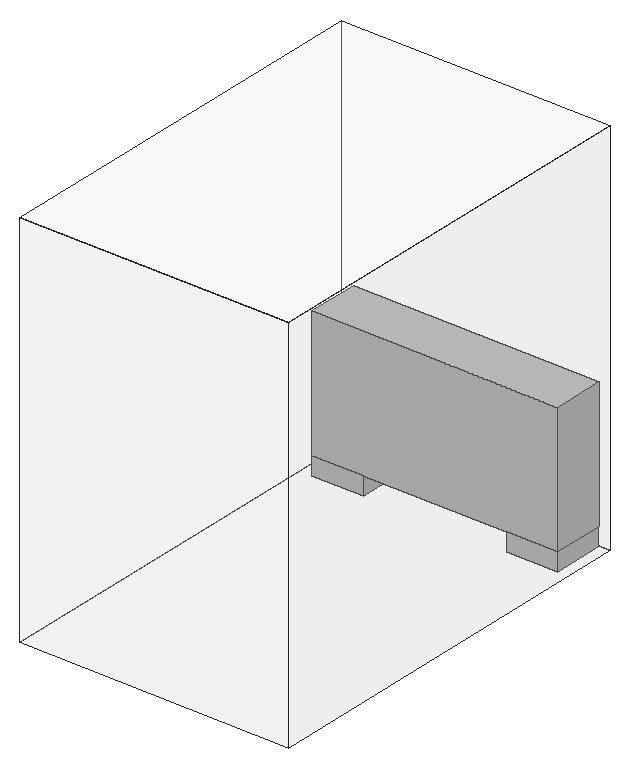
Revit family "pffy-p28_71lemg9_50Hz", category 機械設備, Revit 2019
Family settings
  丸型コネクタ寸法 = 直径を使用
  パーツ タイプ = 標準
  OmniClass 番号 = 23.75.10.24.21.27.27
  OmniClass タイトル = Split System Air Conditioning Units
  作業面ベース = いいえ
  常に垂直 = はい
  ロード時にボイドで切り取り = いいえ
  共有 = いいえ
  部屋計算ポイント = はい
Parameters (values of type "PFFY-P28LEMG9")
  風量（弱）（m3／min） = 5.5
  風量（m3／min） = 6.5
  風量 = MAX風量  # 390.0 m³/h
  音響パワーレベル（弱）(dB) = 49
  音響パワーレベル(dB) = 54
  電源種別 = ""
  電圧_電気ヒーター = 0 V
  電圧 = 200 V
  電動機出力_送風機 = 0.02 kW
  運転質量 = 0.00 kg
  連動 = ""
  質量 = if(製品質量 > 運転質量, 製品質量, 運転質量) * 1.2  # 34.80 kg
  負荷分類 = 3_ファン類
  説明 = "ビル用マルチエアコン 床置形　室内機"
  設計暖房能力 [instance] = 0 kW
  設計冷房能力_顕熱 [instance] = 0 kW
  設計冷房能力 [instance] = 0 kW
  設置方法 = "床置形"
  記号 [instance] = ""
  製造元 = "三菱電機株式会社"
  製品質量 = 29.00 kg
  製品出荷対象 = "国内"
  製品リリース年月 = "2022年9月15日"
  製品グループ = ""
  系統 [instance] = ""
  符号 = "ACP-FRV(D)"
  積算_科目 = "1 空気調和設備"
  積算_拾い区分 [instance] = ""
  相_電気ヒーター = 1
  相 = 1
  盤記号 [instance] = ""
  発停方法 = ""
  特殊仕様 [instance] = ""
  火災停止 = ""
  消費電力_電気ヒーター = 0 kW
  消費電力_暖房 = 0.04 kW
  消費電力_加湿器 = 0 kW
  消費電力_冷房 = 0.04 kW
  消費電力 = if(消費電力_冷房 > 消費電力_暖房, 消費電力_冷房, 消費電力_暖房) + 消費電力_加湿器 + 消費電力_電気ヒーター  # 0.04 kW
  法定耐用年数 = "15"
  機械基礎質量 [instance] = 0.00 kg
  機械基礎_W = 0 mm
  機械基礎_H = 0 mm
  機械基礎_D = 0 mm
  機械基礎 [instance] = no
  機外静圧 = 0.0 Pa
  極数 = 1
  材質 [instance] = ""
  本体マテリアル = none
  有効加湿量 = 0
  暖房能力 = 3.2 kW
  形式_加湿器 = ""
  形式 = "床置（露出）立形"
  形名 = PFFY-P_LEMG9 : PFFY-P28LEMG9
  幹線記号 [instance] = ""
  始動方式 = "直入"
  呼称 = "室内機_床置(露出)形(直吹)"
  周波数 = 50 Hz
  台数_手元リモコン [instance] = ""
  台数_冷媒分岐ユニット [instance] = ""
  参照している仕様書等のバージョン = "公共建築工事標準仕様書（機械設備工事編）平成31年度版"
  加湿給水管径 = 0.00 mm
  分類コード = "50053003221090"
  分類グループ = ""
  冷房能力 = 2.8 kW
  冷媒高低圧ガス管径 = 0.00 mm
  冷媒管径符号 = "Ac"
  冷媒管径 = 100.00 mm
  冷媒液管径 = 6.35 mm
  冷媒ガス管径 = 12.70 mm
  価格 = 0
  企業コード = "108420"
  付属品_フィルター = ""
  付属品 [instance] = ""
  仕様書バージョン = "Version1.0"
  モデル = "PFFY-P28LEMG9"
  ドレン管径 = 20.00 mm
  ダクト高 = 0 mm
  ダクト幅 = 0 mm
  コメント [instance] = ""
  Keynote = ""
  Width = 1050 mm
  Version = ""
  Uniclass2015Version = "Systems v1.9"
  Uniclass2015Title = "Split coil remote air cooled condensing units"
  Uniclass2015Code = "Pr_70_65_03_84"
  URL = "https://www.mitsubishielectric.co.jp/ldg/wink/ssl/displayProduct.do?pid=317061"
  S寸法 = 0 mm
  SpecificationReference = ""
  SpecificationDescription = ""
  Revision = ""
  ProductInformation = ""
  OmniClassCode = "23-33 17 13 11"
  MIN風量 = 風量（弱）（m3／min） * 60.0 m³/h  # 330.0 m³/h
  MAX風量 = 風量（m3／min） * 60.0 m³/h  # 390.0 m³/h
  IfcTypeProduct = ""
  IfcProduct = ""
  IfcExportType = "AIRCONDITIONINGUNIT"
  IfcExportAs = "IfcUnitaryEquipmentType"
  Height = 630 mm
  Depth = 220 mm
  Clearance Top = 1000 mm
  Clearance Right = 50 mm
  Clearance Left = 50 mm
  Clearance Front = 1000 mm
  Clearance Back = 0 mm
  Author = "三菱電機株式会社"
Types (5, lengths in mm): name | 風量（弱）（m3／min） | 風量（m3／min） | 風量 | 音響パワーレベル（弱）(dB) | 音響パワーレベル(dB) | 電動機出力_送風機 | 質量 | 製品質量 | 消費電力_暖房 | 消費電力_冷房 | 消費電力 | 暖房能力 | 形名 | 冷房能力 | 冷媒管径符号 | 冷媒液管径 | 冷媒ガス管径 | モデル | Width | URL | MIN風量 | MAX風量
  PFFY-P28LEMG9 | 5.5 | 6.5 | 390.0 m³/h | 49 | 54 | 0.02 kW | 34.80 kg | 29.00 kg | 0.04 kW | 0.04 kW | 0.04 kW | 3.2 kW | PFFY-P_LEMG9 : PFFY-P28LEMG9 | 2.8 kW | "Ac" | 6.35 | 12.70 | "PFFY-P28LEMG9" | 1050 | "https://www.mitsubishielectric.co.jp/ldg/wink/ssl/displayProduct.do?pid=317061" | 330.0 m³/h | 390.0 m³/h
  PFFY-P36LEMG9 | 7 | 9 | 540.0 m³/h | 50 | 55 | 0.03 kW | 37.20 kg | 31.00 kg | 0.05 kW | 0.05 kW | 0.05 kW | 4 kW | PFFY-P_LEMG9 : PFFY-P36_45LEMG9 | 3.6 kW | "Ac" | 6.35 | 12.70 | "PFFY-P36LEMG9" | 1170 | "https://www.mitsubishielectric.co.jp/ldg/wink/ssl/displayProduct.do?pid=317062" | 420.0 m³/h | 540.0 m³/h
  PFFY-P45LEMG9 | 9 | 11 | 660.0 m³/h | 52 | 58 | 0.035 kW | 38.40 kg | 32.00 kg | 0.07 kW | 0.07 kW | 0.07 kW | 5 kW | PFFY-P_LEMG9 : PFFY-P36_45LEMG9 | 4.5 kW | "Ac" | 6.35 | 12.70 | "PFFY-P45LEMG9" | 1170 | "https://www.mitsubishielectric.co.jp/ldg/wink/ssl/displayProduct.do?pid=317063" | 540.0 m³/h | 660.0 m³/h
  PFFY-P56LEMG9 | 12 | 14 | 840.0 m³/h | 55 | 59 | 0.04 kW | 43.20 kg | 36.00 kg | 0.09 kW | 0.09 kW | 0.09 kW | 6.3 kW | PFFY-P_LEMG9 : PFFY-P56LEMG9 | 5.6 kW | "Ac" | 6.35 | 12.70 | "PFFY-P56LEMG9" | 1410 | "https://www.mitsubishielectric.co.jp/ldg/wink/ssl/displayProduct.do?pid=317064" | 720.0 m³/h | 840.0 m³/h
  PFFY-P71LEMG9 | 12 | 15.5 | 930.0 m³/h | 57 | 62 | 0.045 kW | 44.40 kg | 37.00 kg | 0.1 kW | 0.1 kW | 0.1 kW | 8 kW | PFFY-P_LEMG9 : PFFY-P71LEMG9 | 7.1 kW | "Bd" | 9.52 | 15.88 | "PFFY-P71LEMG9" | 1410 | "https://www.mitsubishielectric.co.jp/ldg/wink/ssl/displayProduct.do?pid=317076" | 720.0 m³/h | 930.0 m³/h
Reference planes
  plane 1: z = -150
  plane 2: z = 480
  plane 3: z = -150
  plane 4: z = 1480
  plane 5 "中心(正面/背面)": y = -110
  plane 6 "左": x = -525
  plane 7 "右": x = 525
  plane 8 "正面": y = -220
  plane 9 "背面": y = 0
  plane 10: x = 0
  plane 11: x = -875
  plane 12: y = 0
  plane 13: y = -220
  plane 14: x = 525
  plane 15: y = 0
  plane 16: x = 575
  plane 17: x = -575
  plane 18: y = -1220
  plane 19 "配管位置": x = -305
  plane 20: y = -100
  plane 21: y = -135
  plane 22: z = 280
  plane 23: z = 330
  plane 24 "ドレン配管": x = -350
  plane 25: y = -130
  plane 26 "ドレン配管先端": z = -140
Forms (mm)
  Extrusion 1, solid
    sketch origin (-305, 0, 0) x (0, 1, 0) y (0, 0, 1)
      loop
        circle (-100, 330) r 6.35
      loop
        circle (-135, 280) r 3.175
    from 0 to -105
  Extrusion 2, solid
    sketch origin (-305, 0, 0) x (0, 1, 0) y (0, 0, 1)
      loop
        circle (-117.5, 305) r 50
    from 0 to -105
  Extrusion 3, solid
    sketch origin (0, 0, -140) x (0, -1, 0) y (1, 0, 0)
      loop
        circle (130, -350) r 10
    from 0 to 200
Dimensions and locks
  "Height": plane 1 to plane 2
  "Clearance Top": plane 4 to plane 2
  "Width": plane 6 "左" to plane 7 "右"
  equal spacing: plane 8 "正面", plane 5 "中心(正面/背面)", plane 9 "背面"
  "Depth": plane 8 "正面" to plane 9 "背面"
  "S寸法": plane 9 "背面" to plane 12
  "S寸法": plane 13 to plane 8 "正面"
  "S寸法": plane 7 "右" to plane 14
  "Clearance Back": plane 9 "背面" to plane 15
  "Clearance Right": plane 7 "右" to plane 16
  "Clearance Left": plane 17 to plane 6 "左"
  "Clearance Front": plane 18 to plane 8 "正面"
  equal spacing: plane 6 "左", plane 10, plane 7 "右"
  locked: plane 6 "左" to plane 19 "配管位置" at 220
  locked: plane 24 "ドレン配管" to plane 19 "配管位置" at 45
  aligned and locked: nested 1 to plane 17
  aligned and locked: nested 1 to plane 16
  aligned and locked: plane 15 to nested 1
  aligned and locked: plane 1 to plane 3
  aligned and locked: plane 4 to nested 1
Automatic sketch dimensions
  Extrusion 1 sketch curve to plane 21 = 0 mm
  Extrusion 1 sketch curve to plane 20 = 0 mm
  Extrusion 1 sketch curve to plane 22 = 0 mm
  Extrusion 1 sketch curve to plane 23 = 0 mm
  plane 5 "中心(正面/背面)" to Extrusion 2 sketch curve = 7.5 mm
  plane 22 to Extrusion 2 sketch curve = 25 mm
  Extrusion 3 sketch curve to plane 24 "ドレン配管" = 0 mm
  plane 25 to Extrusion 3 sketch curve = 0 mm
  radius of Extrusion 1 sketch curve = 6.35 mm
  radius of Extrusion 1 sketch curve = 3.175 mm
  radius of Extrusion 2 sketch curve = 50 mm
  radius of Extrusion 3 sketch curve = 10 mm
Nested families
  nested 1: "サービススペース(PFFY-P-LEMG)" at (0, -860, 665), type "サービススペース(PFFY-P-LEMG)"
    with Width 1150 mm, Height 1630 mm, Depth 1720 mm
  nested 2: "PFFY-P_LEMG9" at (0, -110, -150), type <- "形名", type "PFFY-P28LEMG9", detail levels fine
    with 表示 yes, マテリアル2 none, マテリアル1 none, 幅 1050 mm, 吹出部分 5
Connectors
  piping at (-410, -117.5, 305), diameter 100, driven by "冷媒管径"
    settings: on Extrusion 2, index 1, connector inside diameter 609.60 mm, connector length 0 mm, flow factor 0, pipe flow 0.0 L/s, pressure drop 0.0 Pa, fitting loss kfactor 0, connector angle 0.00°, fixture units 0, engagement length 0 mm, angle of deflection 0.00°, flow configuration 0, flow direction 0, fitting loss method 0, system type 7, joint type 0, gender type 0, connector reference index -1, connector utility 0, adjustable connector no, is connector primary yes, connector description ""
  piping at (-350, -130, -140), diameter 20, driven by "ドレン管径"
    settings: on Extrusion 3, index 2, connector inside diameter 609.60 mm, connector length 0 mm, flow factor 0, pipe flow 0.0 L/s, pressure drop 0.0 Pa, fitting loss kfactor 0, connector angle 0.00°, fixture units 0, engagement length 0 mm, angle of deflection 0.00°, flow configuration 0, flow direction 0, fitting loss method 0, system type 7, joint type 0, gender type 0, connector reference index -1, connector utility 0, adjustable connector no, is connector primary no, connector description ""
  electrical at (525, -110, 202.5), driven by "極数", driven by "電圧", driven by "消費電力"
    settings: on nested 2, index 3, voltage 200 V, apparent load 40 VA, apparent load phase1 0 VA, apparent load phase2 0 VA, apparent load phase3 0 VA, power factor 1, load classification "3_ファン類", number of poles 1, system type 30, power factor state 1, is connector primary yes, connector utility no, sub classification motor no, connector description ""
Definition of nested family "サービススペース(PFFY-P-LEMG)"
  Parameters (values of type "サービススペース")
    Width [instance] = 500 mm
    Height [instance] = 500 mm
    Depth [instance] = 500 mm
  Reference planes
    plane 1 "中心(正面/背面)": y = 0
    plane 2: z = 0
    plane 3 "中心(左/右)": x = 0
    plane 4: y = -250
    plane 5: x = 250
    plane 6: y = 250
    plane 7: x = -250
    plane 8: z = 250
    plane 9: z = -250
  Forms (mm)
    Extrusion 1, solid
      sketch origin (-638.939, 0, 72.39) x (1, 0, 0) y (0, 1, 0)
        loop
          line (388.939, 250) -> (388.939, -250) -> (888.939, -250) -> (888.939, 250) -> (388.939, 250)
      from -322.39 to 177.61
  Lines and regions (mm)
    symbolic lines
      curve 1: line (-250, 0, 250) -> (250, 0, 250)
      curve 2: line (-250, 0, -250) -> (-250, 0, 250)
      curve 3: line (250, 0, -250) -> (-250, 0, -250)
      curve 4: line (250, 0, 250) -> (250, 0, -250)
      curve 5: line (0, -250, 250) -> (0, 250, 250)
      curve 6: line (0, -250, -250) -> (0, -250, 250)
      curve 7: line (0, 250, -250) -> (0, -250, -250)
      curve 8: line (0, 250, 250) -> (0, 250, -250)
      curve 9: line (-250, 250, 0) -> (250, 250, 0)
      curve 10: line (-250, -250, 0) -> (-250, 250, 0)
      curve 11: line (250, -250, 0) -> (-250, -250, 0)
      curve 12: line (250, 250, 0) -> (250, -250, 0)
  Dimensions and locks
    equal spacing: plane 7, plane 3 "中心(左/右)", plane 5
    equal spacing: plane 4, plane 1 "中心(正面/背面)", plane 6
    "Depth": plane 4 to plane 6
    "Width": plane 7 to plane 5
    equal spacing: plane 8, plane 2, plane 9
    "Height": plane 8 to plane 9
    aligned and locked: plane 9 to curve 3
    aligned and locked: plane 7 to curve 2
    aligned and locked: curve 4 to plane 5
    aligned and locked: plane 5 to Extrusion 1
    aligned and locked: Extrusion 1 to plane 7
    aligned and locked: Extrusion 1 to plane 9
    aligned and locked: plane 8 to Extrusion 1
    aligned and locked: plane 9 to curve 7
  Automatic sketch dimensions
    plane 4 to Extrusion 1 sketch curve = 0 mm
    Extrusion 1 sketch curve to plane 7 = 0 mm
    Extrusion 1 sketch curve to plane 5 = 0 mm
    plane 6 to Extrusion 1 sketch curve = 0 mm
    curve 2 to plane 8 = 0 mm
    plane 4 to curve 11 = 0 mm
    curve 11 to plane 7 = 0 mm
    curve 11 to plane 5 = 0 mm
    plane 6 to curve 10 = 0 mm
    curve 7 to plane 4 = 0 mm
    curve 7 to plane 6 = 0 mm
    curve 6 to plane 8 = 0 mm
Definition of nested family "PFFY-P_LEMG9"
  Parameters (values of type "PFFY-P71LEMG")
    液径 = 9.52 mm
    液-W = 0 mm
    液-H = 225 mm
    液-D = 185 mm
    高 = 630 mm
    電源径 = 43 mm
    電源-W = 0 mm
    電源-H = 90 mm
    電源-D = 385 mm
    表示 [instance] = yes
    幅 = 1410 mm
    奥行 = 220 mm
    吹出部分 = 8
    吊りボルト径 = 12 mm
    吊りボルト-W = 1014 mm
    吊りボルト-D = 300 mm
    吊りボルト-H = 0 mm
    冷媒径 = 100 mm
    ガス径 = 19.05 mm
    ガス-W = 0 mm
    ガス-H = 215 mm
    ガス-D = 105 mm
    マテリアル2 [instance] = none
    マテリアル1 [instance] = none
    ドレン径 = 34 mm  # constant formula
    ドレン-W = 0 mm
    ドレン-H = 130 mm
    ドレン-D = 92 mm
    w = 675 mm
    h = 98 mm
    d = 296 mm
    b = 100 mm
    a = 19 mm
  Types (4, lengths in mm): name | 幅 | 吹出部分
    PFFY-P28LEMG | 1050 | 5
    PFFY-P36_45LEMG | 1170 | 6
    PFFY-P56LEMG | 1410 | 8
    PFFY-P71LEMG | 1410 | 8
  Reference planes
    plane 1 "中心(正面/背面)": y = 0
    plane 2: z = 0
    plane 3 "中心(左/右)": x = 0
    plane 4: x = 705
    plane 5: x = -705
    plane 6: y = 110
    plane 7: y = -110
    plane 8: z = 5
    plane 9: z = 75
    plane 10: y = 104
    plane 11: x = -485
    plane 12: x = 485
    plane 13: x = -500
    plane 14: x = 500
    plane 15 "高さ": z = 630
    plane 16: x = -485
    plane 17: x = 485
    plane 18: x = -680
    plane 19: x = 680
  Forms (mm)
    Extrusion 1, solid, material <- "マテリアル2", not visible, detail levels fine
      sketch origin (-137, 154, 0) x (1, 0, 0) y (0, 1, 0)
        loop
          circle (637, -150) r 6
        loop
          circle (-363, -150) r 6
      from 0 to 5
    Extrusion 2, solid, material <- "マテリアル1", detail levels fine
      sketch origin (-1437.329, -1524, 1748) x (-1, 0, 0) y (0, -1, 0)
        loop
          line (-2142.329, -1634) -> (-732.329, -1634) -> (-732.329, -1414) -> (-2142.329, -1414) -> (-2142.329, -1634)
      from -1673 to -1118
    Extrusion 3, solid, material <- "マテリアル2", detail levels fine
      sketch origin (-1437.329, -1524, 1748) x (-1, 0, 0) y (0, -1, 0)
        loop
          line (-732.329, -1628) -> (-732.329, -1414) -> (-952.329, -1414) -> (-952.329, -1628) -> (-732.329, -1628)
        loop
          line (-2142.329, -1414) -> (-2142.329, -1628) -> (-1922.329, -1628) -> (-1922.329, -1414) -> (-2142.329, -1414)
      from -1748 to -1673
  Lines and regions (mm)
    Masking region 1, visible <- "表示", built-in parameter 1006206 <- "表示", detail levels fine
      outline origin (0, 0, 0) x (1, 0, 0) y (0, 1, 0)
        loop
          line (-705, 110) -> (-705, -110) -> (705, -110) -> (705, 110) -> (-705, 110)
    model lines, detail levels fine
      curve 1: line (680, 50, 630) -> (-680, 50, 630)
      curve 2: line (680, -70, 630) -> (-680, -70, 630)
      curve 3: line (-480, 50, 630) -> (-480, -70, 630)
      curve 4: line (485, 50, 630) -> (485, -70, 630)
      curve 5: line (-360, 50, 630) -> (-360, -70, 630)
      curve 6: line (-240, 50, 630) -> (-240, -70, 630)
      curve 7: line (-120, 50, 630) -> (-120, -70, 630)
      curve 8: line (0, 50, 630) -> (0, -70, 630)
      curve 9: line (480, 40, 630) -> (-480, 40, 630)
      curve 10: line (480, 30, 630) -> (-480, 30, 630)
      curve 11: line (480, 20, 630) -> (-480, 20, 630)
      curve 12: line (480, 10, 630) -> (-480, 10, 630)
      curve 13: line (480, 0, 630) -> (-480, 0, 630)
      curve 14: line (480, -10, 630) -> (-480, -10, 630)
      curve 15: line (480, -20, 630) -> (-480, -20, 630)
      curve 16: line (480, -30, 630) -> (-480, -30, 630)
      curve 17: line (480, -40, 630) -> (-480, -40, 630)
      curve 18: line (480, -50, 630) -> (-480, -50, 630)
      curve 19: line (480, -60, 630) -> (-480, -60, 630)
      curve 20: line (-680, 110, 630) -> (-680, -110, 630)
      curve 21: line (680, -110, 630) -> (680, 110, 630)
      curve 23: line (120, 50, 630) -> (120, -70, 630)
      curve 24: line (240, 50, 630) -> (240, -70, 630)
      curve 25: line (360, 50, 630) -> (360, -70, 630)
      curve 26: line (-485, 50, 630) -> (-485, -70, 630)
    model lines, visible <- "表示", detail levels fine
      curve 22: line (480, -70, 630) -> (480, 50, 630)
  Dimensions and locks
    equal spacing: plane 7, plane 1 "中心(正面/背面)", plane 6
    "奥行": plane 7 to plane 6
    equal spacing: plane 5, plane 3 "中心(左/右)", plane 4
    "幅": plane 5 to plane 4
    locked: plane 8 to level at 5
    equal spacing: plane 11, plane 3 "中心(左/右)", plane 12
    equal spacing: plane 13, plane 3 "中心(左/右)", plane 14
    locked: plane 5 to plane 11 at 220
    locked: plane 5 to plane 13 at 205
    "高": Extrusion 2 to level
    equal spacing: group 1, group 2, group 3, group 4, group 5, group 6, group 7, group 8  (x3)
    curve 22 to plane 17 = 5 mm
    locked: plane 16 to curve 3 at 5
    locked: curve 3 to curve 5 at 120
    locked: plane 5 to plane 18 at 25
    locked: plane 19 to plane 4 at 25
    "吊りボルト径": diameter of Extrusion 1 sketch curve  (x2)
    aligned and locked: level to plane 2
    aligned and locked: Extrusion 2 sketch curve to plane 6
    aligned and locked: Extrusion 3 to level
    aligned and locked: Masking region 1 sketch curve to plane 7
    aligned and locked: Masking region 1 sketch curve to plane 4
    aligned and locked: Extrusion 3 sketch curve to Extrusion 2
    aligned and locked: plane 7 to Extrusion 2
    aligned and locked: plane 9 to Extrusion 3
    aligned and locked: Extrusion 2 to plane 9
    aligned and locked: Extrusion 3 to plane 10  (x2)
    aligned and locked: Extrusion 2 to plane 5
    aligned and locked: plane 4 to Extrusion 2
    aligned and locked: Extrusion 3 to plane 5
    aligned and locked: plane 11 to Extrusion 3
    aligned and locked: Extrusion 3 to plane 12
    aligned and locked: plane 13 to nested 1
    aligned and locked: plane 14 to nested 1
    aligned and locked: plane 16 to plane 11
    aligned and locked: plane 17 to plane 12
    aligned and locked: plane 19 to curve 21
    aligned and locked: curve 26 to plane 11
  Automatic sketch dimensions
    Extrusion 2 sketch curve to plane 4 = 0 mm
    plane 5 to Extrusion 2 sketch curve = 0 mm
    Extrusion 2 sketch curve to plane 7 = 0 mm
    Masking region 1 sketch curve to plane 5 = 0 mm
    plane 6 to Masking region 1 sketch curve = 0 mm
    plane 7 to Extrusion 3 sketch curve = 0 mm  (x2)
    plane 6 to Extrusion 3 sketch curve = 6 mm  (x2)
    Extrusion 3 sketch curve to plane 11 = 0 mm
    Extrusion 3 sketch curve to plane 5 = 0 mm
    Extrusion 3 sketch curve to plane 12 = 0 mm
    curve 4 to plane 12 = 0 mm
    plane 1 "中心(正面/背面)" to curve 13 = 0 mm
    curve 1 to plane 18 = 0 mm
    plane 6 to curve 21 = 0 mm
    plane 6 to curve 20 = 0 mm
    plane 7 to curve 20 = 0 mm
    plane 7 to curve 21 = 0 mm
    plane 11 to curve 15 = 5 mm
    plane 11 to curve 14 = 5 mm
    plane 11 to curve 16 = 5 mm
    plane 11 to curve 13 = 5 mm
    plane 11 to curve 17 = 5 mm
    plane 11 to curve 12 = 5 mm
    plane 11 to curve 18 = 5 mm
    plane 11 to curve 11 = 5 mm
    plane 11 to curve 19 = 5 mm
    plane 11 to curve 9 = 5 mm
    plane 11 to curve 10 = 5 mm
    curve 26 to plane 1 "中心(正面/背面)" = 50 mm
    curve 22 to curve 9 = 10 mm
    curve 9 to curve 10 = 10 mm
    curve 10 to curve 11 = 10 mm
    curve 12 to plane 1 "中心(正面/背面)" = 10 mm
    curve 13 to curve 14 = 10 mm
    curve 14 to curve 15 = 10 mm
    curve 15 to curve 16 = 10 mm
    curve 16 to curve 17 = 10 mm
    curve 17 to curve 18 = 10 mm
    curve 18 to curve 19 = 10 mm
    curve 19 to curve 26 = 10 mm
    Extrusion 1 sketch curve to plane 13 = 0 mm
    Extrusion 1 sketch curve to plane 14 = 0 mm
    Extrusion 1 sketch curve to plane 1 "中心(正面/背面)" = 4 mm  (x2)
  Nested families
    nested 1: "固定点" at (-500, 4, 0), visible <- "表示", type "固定点", detail levels fine
      with W 1000 mm, D 100 mm
  Definition of nested family "固定点"
    Parameters (values of type "固定点")
      中心円 = 12 mm
      W [instance] = 1000 mm
      D [instance] = 1000 mm
    Reference planes
      plane 1 "中心(正面/背面)": y = 0
      plane 2: z = 0
      plane 3 "中心(左/右)": x = 0
      plane 4: x = 1000
    Lines and regions (mm)
      symbolic lines, detail levels fine
        curve 1: circle (0, 0, 0) r 6 normal (0, 0, 1)
        curve 2: circle (1000, 0, 0) r 6 normal (0, 0, 1)
        curve 3: line (-200, 0, 0) -> (1200, 0, 0)
        curve 4: line (0, 200, 0) -> (0, -200, 0)
        curve 5: line (1000, 200, 0) -> (1000, -200, 0)
    Dimensions and locks
      "W": plane 3 "中心(左/右)" to plane 4
      "中心円": diameter of curve 1
      "中心円": diameter of curve 2
      aligned and locked: level to plane 2
      aligned and locked: plane 3 "中心(左/右)" to curve 1
      aligned and locked: plane 1 "中心(正面/背面)" to curve 1
      aligned and locked: plane 1 "中心(正面/背面)" to curve 2
      aligned and locked: plane 4 to curve 2
      aligned and locked: plane 1 "中心(正面/背面)" to curve 3
      aligned and locked: curve 4 to plane 3 "中心(左/右)"
      aligned and locked: curve 5 to plane 4
    Automatic sketch dimensions
      curve 3 to plane 3 "中心(左/右)" = 200 mm
      curve 2 to curve 3 = 200 mm
      plane 1 "中心(正面/背面)" to curve 4 = 200 mm
      plane 1 "中心(正面/背面)" to curve 5 = 200 mm
      curve 5 to plane 1 "中心(正面/背面)" = 200 mm
      curve 4 to plane 1 "中心(正面/背面)" = 200 mm
